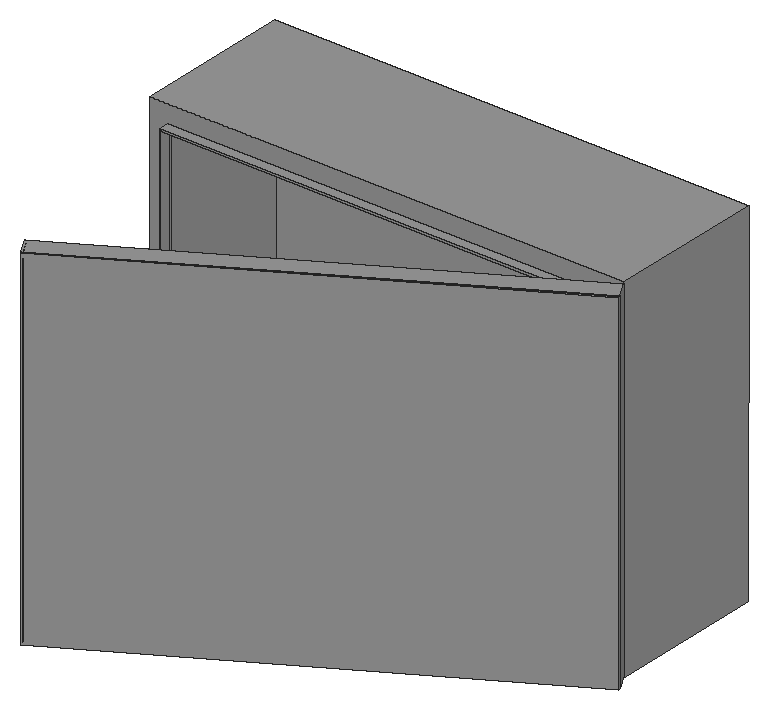
Revit family "Hager-Orion_Inox-IP66-D150-Cl.I-Inox_encl-630A-300mm-NoHosted-PL-en", category Electrical Equipment, Revit 2020
Family settings
  Panel Configuration = Two Columns, Circuits Across
  Round Connector Dimension = Use Diameter
  Part Type = Panelboard
  Work Plane-Based = Yes
  Always vertical = Yes
  Cut with Voids When Loaded = No
  Shared = No
  Room Calculation Point = No
Parameters (values of type "Surface mounted (plaster) IP66 W400 H300 D150  - FL013BWL")
  Width Control [instance] = if([EF000008 - Width] > Min Width, [EF000008 - Width], Min Width)  # 400 mm
  Type Comments = [HG000003 - Range]  # "Orion Inox"
  Thickness Door [instance] = if([EF009171 - Material plate thickness door/cover] > 3 mm, 3 mm, [EF009171 - Material plate thickness door/cover])  # 1.5 mm
  Seal Frame Offset [instance] = 17 mm  # constant formula
  Min Width [instance] = 100 mm  # constant formula
  Min Depth [instance] = (2 * [EF009170 - Material plate thickness cabinet]) + 1 mm  # 4 mm
  Min Height [instance] = 100 mm  # constant formula
  Internal Frame Depth [instance] = -(Door System Depth * 0.5)  # -9 mm
  Panel Name [instance] = ""  # (empty or 0)
  Model = ""
  HG000027 - Plinth height = 0 mm
  HG000026 - Floor standing = no
  HG000024 - Bottom section height = 600 mm
  HG000023 - Double section enclosure = no
  HG000016 - Door 3d visibility [instance] = yes
  HG000015 - Clearance visibility [instance] = no
  HG000014 - Door on the right [instance] = yes
  HG000013 - Door on the left [instance] = not([HG000014 - Door on the right])  # no
  HG000012 - Door swing angle [instance] = 30.00°
  HG000010 - Asymmetric doors = no
  HG000009 - Double swing door = no
  HG000006 - Flush mounted = no
  HG000004 - Manufacturer reference = "FL013BWL"
  HG000003 - Range = "Orion Inox"
  HG000002 - With door or cover = yes
  Frame Offset Bottom [instance] = 10 mm  # constant formula
  Frame Offset [instance] = 15 mm  # constant formula
  EF015940 - Cover with overpressure release = no
  EF011959 - Degree of protection (NEMA) = ""
  EF009554 - Number of openings for flange plates = 0
  EF009212 - Cover model = "EV000116 - Closed"
  EF009171 - Material plate thickness door/cover = 1.5 mm
  EF009170 - Material plate thickness cabinet = 1.5 mm
  EF008873 - Nominal current (In) = 630 A
  EF007800 - Suitable for lightning protection = no
  EF006306 - With lock = yes
  EF006244 - Transparent cover/door = no
  EF005474 - Degree of protection (IP) = "EV006422 - IP66"
  EF004464 - Type of door = "EV002646 - Single"
  EF004427 - Number of modules = 0
  EF004293 - Impact strength = "EV008784 - IK10"
  EF003532 - Suitable for outdoor use = yes
  EF002950 - Width in number of modular spacings = 0
  EF001613 - Circuit integrity = "EV000494 - None"
  EF001596 - Material housing = "EV000166 - Stainless steel"
  EF001131 - Internal depth = 116 mm
  EF001088 - Extension possible = yes
  EF000437 - Number of conduit inlets = 0
  EF000339 - Type of cover = "EV004216 - Door"
  EF000266 - Number of rows = 0
  EF000218 - Built-in depth = 0 mm
  EF000118 - With mounting plate = no
  EF000116 - RAL-number = ""
  EF000049 - Depth = 150 mm
  EF000040 - Height = 300 mm
  EF000008 - Width = 400 mm
  EF000007 - Colour = "EV000154 - Other"
  EF000003 - Mounting method = "EV000384 - Surface mounted (plaster)"
  Door System Leaf Tolerance [instance] = 1.5 mm  # constant formula
  Door System Depth [instance] = 18 mm  # constant formula
  Description = ""
  Default Elevation = 1219.2 mm
  Connector Offset [instance] = Height Control / 2  # 150 mm
  Manufacturer = "Hager"  # constant formula
  Height Control [instance] = if([EF000040 - Height] > Min Height, [EF000040 - Height], Min Height)  # 300 mm
  Depth Control [instance] = if([EF000049 - Depth] > Min Depth, [EF000049 - Depth], Min Depth)  # 150 mm
Types (4, lengths in mm): name | Width Control | HG000004 - Manufacturer reference | EF009212 - Cover model | EF006306 - With lock | EF001613 - Circuit integrity | EF000008 - Width
  Surface mounted (plaster) IP66 W200 H300 D150  - FL010BW | 200 | "FL010BW" | "EV009916 - With notch" | no | "" | 200
  Surface mounted (plaster) IP66 W200 H300 D150  - FL010BWL | 200 | "FL010BWL" | "EV009916 - With notch" | no | "" | 200
  Surface mounted (plaster) IP66 W400 H300 D150  - FL013BW | 400 | "FL013BW" | "EV000116 - Closed" | yes | "EV000494 - None" | 400
  Surface mounted (plaster) IP66 W400 H300 D150  - FL013BWL | 400 | "FL013BWL" | "EV000116 - Closed" | yes | "EV000494 - None" | 400
Reference planes
  plane 1 "Center (Front/Back)": y = 0
  plane 2: z = 0
  plane 3 "Center (Left/Right)": x = 0
  plane 4: y = 0
  plane 5: y = 0
  plane 6: z = 0
  plane 7: x = -200
  plane 8: x = 200
  plane 9: x = 198.5
  plane 10: x = -198.5
  plane 11: z = 0
  plane 12: z = 1.5
  plane 13: y = -150
  plane 14: y = -1.5
  plane 15: x = 0
  plane 16: y = -132
  plane 17: y = -148.5
  plane 18: y = -130.5
  plane 19: x = -183.5
  plane 20: x = 183.5
  plane 21: z = 11.5
  plane 22: x = -183
  plane 23: x = 183
  plane 24: z = 0
  plane 25: z = 300
  plane 26: z = 300
  plane 27: z = 283.5
  plane 28: z = 298.5
Forms (mm)
  Extrusion 1, solid, material "Hager_Stainless_Steel", detail levels medium+fine
    sketch origin (-208.679, -4572, 0) x (-1, 0, 0) y (0, -1, 0)
      loop
        line (-8.679, -4440) -> (-408.679, -4440) -> (-408.679, -4572) -> (-8.679, -4572) -> (-8.679, -4440)
    from 0 to 300
  Extrusion 2, void
    sketch origin (-350.771, -150, 1219.2) x (1, 0, 0) y (0, 0, 1)
      loop
        line (152.271, -920.7) -> (152.271, -1217.7) -> (549.271, -1217.7) -> (549.271, -920.7) -> (152.271, -920.7)
    from -19.5 to -148.5
  Extrusion 3, void
    sketch origin (-290.084, -132, 1219.2) x (1, 0, 0) y (0, 0, 1)
      loop
        line (106.584, -1207.7) -> (473.584, -1207.7) -> (473.584, -935.7) -> (106.584, -935.7) -> (106.584, -1207.7)
    from 0 to -1.5
  Extrusion 4, solid, material "Hager_Stainless_Steel", detail levels fine
    sketch origin (-290.084, -132, 1219.2) x (-1, 0, 0) y (0, 0, 1)
      loop
        line (-473.584, -1207.7) -> (-106.584, -1207.7) -> (-106.584, -935.7) -> (-473.584, -935.7) -> (-473.584, -1207.7)
      loop
        line (-475.084, -1209.2) -> (-105.084, -1209.2) -> (-105.084, -934.2) -> (-475.084, -934.2) -> (-475.084, -1209.2)
    from 0 to -9 <- "Internal Frame Depth"
  Extrusion 5, solid, material "Hager_Stainless_Steel", detail levels coarse
    sketch origin (0, 0, 0) x (1, 0, 0) y (0, 1, 0)
      loop
        line (-200, 0) -> (-200, -150) -> (200, -150) -> (200, 0) -> (-200, 0)
    from 0 to 300 <- "Height Control"
Cuts and joins
  Extrusion 2, Extrusion 3 cuts Extrusion 1
Lines and regions (mm)
  Masking region 1
    outline origin (0, 0, 0) x (1, 0, 0) y (0, 1, 0)
      loop
        line (-200, 0) -> (-200, -150) -> (200, -150) -> (200, 0) -> (-200, 0)
  Masking region 2
    outline origin (-290.084, -132, 1219.2) x (-1, 0, 0) y (0, 0, 1)
      loop
        line (-490.084, -1219.2) -> (-90.084, -1219.2) -> (-90.084, -919.2) -> (-490.084, -919.2) -> (-490.084, -1219.2)
  Masking region 3, detail levels coarse
    outline origin (0, 0, 0) x (0, 1, 0) y (0, 0, 1)
      loop
        line (0, 0) -> (0, 300) -> (-150, 300) -> (-150, 0) -> (0, 0)
  Masking region 4, detail levels medium+fine
    outline origin (0, 0, 594.038) x (0, 1, 0) y (0, 0, 1)
      loop
        line (0, -594.038) -> (0, -294.038) -> (-132, -294.038) -> (-132, -594.038) -> (0, -594.038)
Dimensions and locks
  locked: plane 1 "Center (Front/Back)" to plane 5
  "EF009170 - Material plate thickness cabinet": plane 7 to plane 10
  "EF009170 - Material plate thickness cabinet": plane 8 to plane 9
  equal spacing: plane 7, plane 3 "Center (Left/Right)", plane 8
  "Width Control": plane 7 to plane 8
  "Depth Control": plane 4 to plane 13
  "EF009170 - Material plate thickness cabinet": plane 4 to plane 14
  "Height Control": plane 25 to level
  "EF009170 - Material plate thickness cabinet": plane 12 to plane 11
  "EF009170 - Material plate thickness cabinet": plane 17 to plane 13
  "EF009170 - Material plate thickness cabinet": plane 18 to plane 16
  "Frame Offset Bottom": plane 21 to plane 12
  "Frame Offset": plane 10 to plane 19
  "Frame Offset": plane 9 to plane 20
  "Door System Depth": plane 16 to plane 13
  "Seal Frame Offset": plane 7 to plane 22
  "Seal Frame Offset": plane 8 to plane 23
  "EF009170 - Material plate thickness cabinet": plane 26 to plane 28
  "Frame Offset": plane 28 to plane 27
  "Connector Offset": plane 2 to connector elem
  "Thickness Door": cut or joined group of Extrusion 1, Extrusion 2, Extrusion 3 to Extrusion 4 sketch curve
  "Thickness Door": Extrusion 4 sketch curve to plane 19
  "Thickness Door": Extrusion 4 sketch curve to plane 20
  "Thickness Door": Extrusion 4 sketch curve to plane 27
  aligned and locked: plane 12 to Extrusion 2 sketch curve
  aligned and locked: Extrusion 2 sketch curve to plane 9
  aligned and locked: Extrusion 2 sketch curve to plane 10
  aligned and locked: plane 14 to Extrusion 2
  aligned and locked: plane 4 to Extrusion 1 sketch curve
  aligned and locked: plane 8 to Extrusion 1 sketch curve
  aligned and locked: plane 7 to Extrusion 1 sketch curve
  aligned and locked: Extrusion 2 to plane 18
  aligned and locked: plane 19 to Extrusion 3 sketch curve
  aligned and locked: plane 20 to Extrusion 3 sketch curve
  aligned and locked: Extrusion 3 to Extrusion 2
  aligned and locked: Extrusion 3 sketch curve to plane 21
  aligned and locked: plane 3 "Center (Left/Right)" to nested 1
  aligned and locked: Extrusion 1 sketch curve to plane 16
  aligned and locked: Masking region 1 sketch curve to plane 7
  aligned and locked: Masking region 1 sketch curve to plane 5
  aligned and locked: Masking region 1 sketch curve to plane 8
  aligned and locked: Masking region 2 sketch curve to level
  aligned and locked: level to Masking region 3 sketch curve
  aligned and locked: plane 1 "Center (Front/Back)" to Masking region 3 sketch curve
  aligned and locked: plane 13 to Masking region 3 sketch curve
  aligned and locked: Masking region 2 sketch curve to plane 8
  aligned and locked: Masking region 2 sketch curve to plane 7
  aligned and locked: plane 7 to nested 2
  aligned and locked: nested 2 to plane 5
  aligned and locked: plane 5 to Masking region 4 sketch curve
  aligned and locked: plane 26 to Masking region 4 sketch curve
  aligned and locked: Extrusion 5 sketch curve to plane 8
  aligned and locked: Extrusion 5 sketch curve to plane 7
  aligned and locked: Extrusion 5 sketch curve to plane 5
  aligned and locked: plane 27 to Extrusion 3 sketch curve
  aligned and locked: Extrusion 2 sketch curve to plane 28
  aligned and locked: plane 27 to Extrusion 4 sketch curve
  aligned and locked: Extrusion 4 sketch curve to plane 20
  aligned and locked: plane 21 to Extrusion 4 sketch curve
  aligned and locked: Extrusion 4 sketch curve to plane 19
  aligned and locked: Masking region 2 to plane 25
  aligned and locked: Masking region 4 sketch curve to plane 24
  aligned and locked: Masking region 1 to plane 13
  aligned and locked: nested 1 to plane 16
  aligned and locked: Masking region 3 to plane 25
  aligned and locked: Masking region 4 sketch curve to plane 16
  aligned and locked: plane 24 to plane 11
  aligned and locked: plane 26 to plane 25
  aligned and locked: level to plane 24
  aligned and locked: Extrusion 1 to Masking region 3
  aligned and locked: level to nested 1
Automatic sketch dimensions
  Extrusion 5 sketch curve to plane 13 = 0 mm
  plane 27 to Masking region 2 sketch curve = 16.5 mm
  plane 27 to Masking region 3 sketch curve = 16.5 mm
  Masking region 1 sketch curve to plane 13 = 0 mm
  Extrusion 3 sketch curve to plane 21 = 0 mm
  plane 19 to Extrusion 3 sketch curve = 0 mm
  Extrusion 3 sketch curve to plane 20 = 0 mm
Nested families
  nested 1: "EC000058_OrionInox_Door" at (0, -132, 0), Double <- "HG000009 - Double swing door", Transparent <- "EF006244 - Transparent cover/door", Angle <- "HG000012 - Door swing angle", Door_Right <- "HG000014 - Door on the right", Assymetrical <- "HG000010 - Asymmetric doors", Door <- "HG000002 - With door or cover", Width_Ctrl <- "Width Control", 3d_Door <- "HG000016 - Door 3d visibility", Clearance <- "HG000015 - Clearance visibility", Door_Left <- "HG000013 - Door on the left", Width <- "Width Control", Door_Depth <- "Door System Depth", Leaf_Tolerance <- "Door System Leaf Tolerance", Height <- "Height Control", Thickness <- "Thickness Door", type "EC000058_OrionInox_Door", detail levels medium+fine
    with min_wh 4 mm, Width_Ctrl 400 mm, Width 400 mm, Transparent no, Thickness 1.5 mm, Seal_Material Hager_Rubber, Leaf_Width 400 mm, Leaf_Tolerance_External_Sides 0 mm, Leaf_Tolerance 1.5 mm, Leaf_Offset 0 mm, Leaf_Height 297 mm, Leaf_2_Width 400 mm, Leaf_2_Offset 200 mm, Leaf_1_Width 400 mm, Leaf_1_Offset 200 mm, Height_Ctrl 300 mm, Height 300 mm, Glass_Material Hager_Glass, Double_Clearance_Ctrl no, Double no, Door_Right_Ctrl yes, Door_Right yes, Door_Material Hager_Stainless_Steel, Door_Left_Ctrl no, Door_Left no, Door_Depth 18 mm, Door yes, Clearance_Material Hager_Clearance, Clearance_Depth 400 mm, Clearance_Ctrl no, Clearance no, Assymetrical no, Angle 30.00°, 3d_Door yes
  nested 2: "Hager_Enclosure_Symbol" at (-200, 0, 0), Height <- "Depth Control", Width <- "Width Control", type "Hager_Enclosure_Symbol"
    with Width_Ctrl 400 mm, Width 400 mm, Height_Ctrl 150 mm, Height 150 mm, A_Width_Int 9.844 mm, A_Width 118.125 mm, A_Height_Ctrl 131.25 mm, A_Height 131.25 mm
Connectors
  electrical at (0, 0, 150)
    settings: on plane 1 "Center (Front/Back)", index 1, voltage 0 V, apparent load 0 VA, apparent load phase1 0 VA, apparent load phase2 0 VA, apparent load phase3 0 VA, power factor 1, load classification "Other", number of poles 1, system type 30, power factor state 1, is connector primary yes, connector utility no, sub classification motor no, connector description ""
Definition of nested family "EC000058_OrionInox_Door"
  Parameters (values of type "EC000058_OrionInox_Door")
    min_wh [instance] = (2 * Thickness) + 1 mm  # 11 mm
    Width_Ctrl [instance] = 400 mm
    Width [instance] = 500 mm
    Transparent [instance] = yes
    Thickness [instance] = 5 mm
    Seal_Material [instance] = none
    Leaf_Width [instance] = if((Width_Ctrl - 2 * Leaf_Tolerance_External_Sides) > 0 mm, (Width_Ctrl - 2 * Leaf_Tolerance_External_Sides), min_wh)  # 400 mm
    Leaf_Tolerance_External_Sides [instance] = 0 mm  # constant formula
    Leaf_Tolerance [instance] = 1.5 mm
    Leaf_Offset [instance] = 0 mm  # constant formula
    Leaf_Height [instance] = if((Height_Ctrl - 2 * Leaf_Tolerance) > 0 mm, (Height_Ctrl - 2 * Leaf_Tolerance), min_wh)  # 497 mm
    Leaf_2_Width [instance] = if(and(and(Double, Assymetrical), Door_Left), (Leaf_Width / 3) - (Leaf_Tolerance / 2), if(and(and(Double, Assymetrical), Door_Right), (Leaf_Width / 3) * 2 - (Leaf_Tolerance / 2), if(and(Double, not(Assymetrical)), (Leaf_Width / 2) - Leaf_Tolerance, Leaf_Width)))  # 400 mm
    Leaf_2_Offset [instance] = if(and(Double, Assymetrical), Leaf_2_Width / 2, if(and(Double, not(Assymetrical)), Leaf_Width / 4, Leaf_Width / 2))  # 200 mm
    Leaf_1_Width [instance] = if(and(and(Double, Assymetrical), Door_Right), (Leaf_Width / 3) - (Leaf_Tolerance / 2), if(and(and(Double, Assymetrical), Door_Left), (Width / 3) * 2 - (Leaf_Tolerance / 2), if(and(Double, not(Assymetrical)), (Leaf_Width / 2) - Leaf_Tolerance, Leaf_Width)))  # 400 mm
    Leaf_1_Offset [instance] = if(and(Double, Assymetrical), Leaf_1_Width / 2, if(and(Double, not(Assymetrical)), Leaf_Width / 4, Leaf_Width / 2))  # 200 mm
    Height_Ctrl [instance] = if(Height > min_wh, Height, min_wh)  # 500 mm
    Height [instance] = 500 mm
    Glass_Material [instance] = none
    Double_Clearance_Ctrl [instance] = and(Double, Clearance)  # no
    Double [instance] = no
    Door_Right_Ctrl [instance] = and(or(Door_Right, Double), Door)  # yes
    Door_Right [instance] = yes
    Door_Material [instance] = none
    Door_Left_Ctrl [instance] = and(or(Door_Left, Double), Door)  # no
    Door_Left [instance] = no
    Door_Depth [instance] = 30 mm
    Door [instance] = yes
    Default Elevation = 1219.2 mm
    Clearance_Material [instance] = none
    Clearance_Depth [instance] = if(Leaf_1_Width > Leaf_2_Width, Leaf_1_Width, Leaf_2_Width)  # 400 mm
    Clearance_Ctrl [instance] = and(not(Double), Clearance)  # yes
    Clearance [instance] = yes
    Assymetrical [instance] = yes
    Angle [instance] = 30.00°
    3d_Door [instance] = yes
  Reference planes
    plane 1 "Center (Front/Back)": y = 0
    plane 2 "Bottom": z = 0
    plane 3 "Center (Left/Right)": x = 0
    plane 4: z = 500
    plane 5: x = -200
    plane 6: x = 200
    plane 7: z = 500
    plane 8: x = -200
    plane 9: z = 0
    plane 10: x = 200
    plane 11: y = 0
    plane 12: z = 1.5
    plane 13: x = -600
    plane 14: y = -400
    plane 15: x = 600
    plane 16: x = 0
    plane 17: x = 0
    plane 18: x = -200
    plane 19: x = 200
    plane 20: z = 498.5
  Forms (mm)
    Extrusion 1, solid, material <- "Clearance_Material", visible <- "Double_Clearance_Ctrl"
      sketch origin (1200, 0, 0) x (1, 0, 0) y (0, 0, -1)
        loop
          line (-1800, -498.5) -> (-600, -498.5) -> (-600, 0) -> (-1800, 0) -> (-1800, -498.5)
      from 0 to -400
  Dimensions and locks
    equal spacing: plane 5, plane 3 "Center (Left/Right)", plane 6
    "Width_Ctrl": plane 5 to plane 6
    "Leaf_Offset": plane 5 to plane 8
    "Leaf_Offset": plane 6 to plane 10
    "Leaf_Offset": plane 9 to level
    "Leaf_Offset": plane 4 to plane 7
    "Height_Ctrl": plane 4 to level
    "Leaf_Tolerance": plane 12 to plane 9
    locked: plane 11 to plane 1 "Center (Front/Back)"
    "Leaf_1_Offset": plane 18 to plane 16
    "Leaf_2_Offset": plane 17 to plane 19
    "Leaf_1_Width": plane 13 to plane 8
    "Leaf_2_Width": plane 10 to plane 15
    "Clearance_Depth": plane 14 to plane 1 "Center (Front/Back)"
    "Leaf_Tolerance_External_Sides": plane 8 to plane 18
    "Leaf_Tolerance_External_Sides": plane 19 to plane 10
    "Leaf_Tolerance": plane 7 to plane 20
    aligned and locked: level to plane 2 "Bottom"
    aligned and locked: nested 1 to plane 16
    aligned and locked: nested 2 to plane 17
    aligned and locked: Extrusion 1 to plane 13
    aligned and locked: plane 15 to Extrusion 1
    aligned and locked: Extrusion 1 to plane 14
    aligned and locked: plane 12 to nested 1
    aligned and locked: nested 2 to plane 12
    aligned and locked: Extrusion 1 to plane 11
    aligned and locked: plane 20 to Extrusion 1
    aligned and locked: nested 2 to plane 11
    aligned and locked: nested 1 to plane 11
  Automatic sketch dimensions
    Extrusion 1 sketch curve to level = 0 mm
    plane 5 to Extrusion 1 sketch curve = 400 mm
    plane 6 to Extrusion 1 sketch curve = 400 mm
    Extrusion 1 sketch curve to plane 4 = 1.5 mm
  Nested families
    nested 1: "EC000058_OrionInox_Door_Leaf" at (0, 0, 1.5), Width <- "Leaf_1_Width", visible <- "Door_Left_Ctrl", Leaf_Height <- "Leaf_Height", Angle <- "Angle", 3d_Door <- "3d_Door", Transparent <- "Transparent", Clearance Material <- "Clearance_Material", Clearance <- "Clearance_Ctrl", Door_Material <- "Door_Material", Glass_Material <- "Glass_Material", Door_Depth <- "Door_Depth", Seal_Material <- "Seal_Material", Thickness <- "Thickness", type "EC000058_OrionInox_Door_Leaf"
      with Width 400 mm, Transparent_Ctrl yes, Transparent yes, Thickness 5 mm, Standard no, Seal_Material none, Seal_D2 8 mm, Seal_D1 1 mm, Offset_Internal_Frame 10 mm, Lock_Width 28 mm, Lock_Thickness 2 mm, Lock_Radius 6 mm, Leaf_Height 497 mm, Internal_Seal_Thickness 8 mm, Internal_Seal_Depth_2 4.5 mm, Internal_Frame_Depth 25 mm, Glass_Thickness -1 mm, Glass_Offset -2 mm, Glass_Material none, Door_Material none, Door_Depth 30 mm, Clearance Material none, Clearance yes, Angle_Ctrl 30.00°, Angle 30.00°, 3d_Door yes
    nested 2: "EC000058_OrionInox_Door_Leaf" at (0, 0, 1.5) x (-1, 0, 0) z (0, 0, 1), Width <- "Leaf_2_Width", visible <- "Door_Right_Ctrl", Leaf_Height <- "Leaf_Height", Angle <- "Angle", 3d_Door <- "3d_Door", Transparent <- "Transparent", Clearance Material <- "Clearance_Material", Clearance <- "Clearance_Ctrl", Door_Material <- "Door_Material", Glass_Material <- "Glass_Material", Door_Depth <- "Door_Depth", Seal_Material <- "Seal_Material", Thickness <- "Thickness", type "EC000058_OrionInox_Door_Leaf"
      with Width 400 mm, Transparent_Ctrl yes, Transparent yes, Thickness 5 mm, Standard no, Seal_Material none, Seal_D2 8 mm, Seal_D1 1 mm, Offset_Internal_Frame 10 mm, Lock_Width 28 mm, Lock_Thickness 2 mm, Lock_Radius 6 mm, Leaf_Height 497 mm, Internal_Seal_Thickness 8 mm, Internal_Seal_Depth_2 4.5 mm, Internal_Frame_Depth 25 mm, Glass_Thickness -1 mm, Glass_Offset -2 mm, Glass_Material none, Door_Material none, Door_Depth 30 mm, Clearance Material none, Clearance yes, Angle_Ctrl 30.00°, Angle 30.00°, 3d_Door yes
  Definition of nested family "EC000058_OrionInox_Door_Leaf"
    Parameters (values of type "EC000058_OrionInox_Door_Leaf")
      Width [instance] = 450 mm
      Transparent_Ctrl [instance] = and(Transparent, [3d_Door])  # yes
      Transparent [instance] = yes
      Thickness [instance] = 5 mm
      Standard [instance] = and(not(Transparent), [3d_Door])  # no
      Seal_Material [instance] = none
      Seal_D2 [instance] = 8 mm  # constant formula
      Seal_D1 [instance] = 1 mm  # constant formula
      Offset_Internal_Frame [instance] = 10 mm  # constant formula
      Lock_Width [instance] = Door_Depth - Lock_Thickness  # 28 mm
      Lock_Thickness [instance] = 2 mm  # constant formula
      Lock_Radius [instance] = 6 mm  # constant formula
      Leaf_Height [instance] = 450 mm
      Internal_Seal_Thickness [instance] = 8 mm  # constant formula
      Internal_Seal_Depth_2 [instance] = 4.5 mm  # constant formula
      Internal_Frame_Depth [instance] = if(Door_Depth - Thickness > 5 mm, Door_Depth - Thickness, 5 mm)  # 25 mm
      Glass_Thickness [instance] = if(Thickness > 15 mm, Glass_Offset + 10 mm, -1 mm)  # -1 mm
      Glass_Offset [instance] = if(Thickness > 15 mm, -(Thickness + 10 mm) / 2, -2 mm)  # -2 mm
      Glass_Material [instance] = none
      Door_Material [instance] = none
      Door_Depth [instance] = 30 mm
      Default Elevation = 0 mm
      Clearance Material [instance] = none
      Clearance [instance] = yes
      Angle_Ctrl [instance] = if(Angle > 180.00°, 180.00°, Angle)  # 90.00°
      Angle [instance] = 90.00°
      3d_Door [instance] = yes
    Reference planes
      plane 1 "Center (Front/Back)": y = 0
      plane 2: z = 0
      plane 3 "Center (Left/Right)": x = 0
      plane 4: y = 450
      plane 5: x = -225
      plane 6: x = 225
      plane 7: x = -675
      plane 8: z = 450
      plane 9: z = 30
      plane 10: z = 420
      plane 11: x = 195
      plane 12: x = -195
      plane 13: y = -3
      plane 14: z = 107.833
      plane 15: y = -5
      plane 16: y = -223.314
      plane 17: x = -225
      plane 18: y = 30
    Forms (mm)
      Extrusion 1, solid, material <- "Clearance Material", visible <- "Clearance"
        sketch origin (0, 0, 0) x (1, 0, 0) y (0, 0, 1)
          loop
            line (-675, 450) -> (-675, 0) -> (225, 0) -> (225, 450) -> (-675, 450)
        from 0 to -450
      Extrusion 2, solid, material <- "Door_Material", visible <- "Standard", detail levels medium+fine
        sketch origin (-225, 0, 0) x (0, 1, 0) y (-1, 0, 0)
          loop
            line (0, 30) -> (0, 25) -> (450, 25) -> (450, 30) -> (0, 30)
        from 0 to 450 <- "Leaf_Height"
      Extrusion 3, solid, material <- "Door_Material", visible <- "Transparent_Ctrl", detail levels medium+fine
        sketch origin (-225, 0, 0) x (0, 1, 0) y (-1, 0, 0)
          loop
            line (0, 25) -> (450, 25) -> (450, 30) -> (0, 30) -> (0, 25)
        from 0 to 450 <- "Leaf_Height"
      Extrusion 4, void
        sketch origin (-250, 450, 0) x (0, 1, 0) y (0, 0, -1)
          loop
            line (-30, -420) -> (-30, -30) -> (-420, -30) -> (-420, -420) -> (-30, -420)
        from 0 to 5 <- "Thickness"
      Sweep 5, solid, material <- "Seal_Material", visible <- "Transparent_Ctrl", detail levels fine
        path in 3D
          loop
            line (-250, 30, 30) -> (-250, 30, 420) -> (-250, 420, 420) -> (-250, 420, 30) -> (-250, 30, 30)
        profile origin (-250, 225, 30) x (1, 0, 0) y (0, 0, 1)
          loop
            line (0, 0) -> (0, -8) -> (1, -8) -> (1, 0) -> (0, 0)
      Extrusion 6, solid, material <- "Glass_Material", visible <- "Transparent_Ctrl", detail levels medium+fine
        sketch origin (-255, 0, 0) x (0, 1, 0) y (0, 0, -1)
          loop
            line (420, -420) -> (420, -30) -> (30, -30) -> (30, -420) -> (420, -420)
        from -2 <- "Glass_Offset" to -1 <- "Glass_Thickness"
      Extrusion 7, solid, material <- "Door_Material", visible <- "3d_Door", detail levels medium+fine
        sketch origin (-250, 450, 0) x (0, -1, 0) y (0, 0, -1)
          loop
            line (0, -450) -> (450, -450) -> (450, 0) -> (0, 0) -> (0, -450)
          loop
            line (445, -5) -> (5, -5) -> (5, -445) -> (445, -445) -> (445, -5)
        from 0 to 25 <- "Internal_Frame_Depth"
      Sweep 8, solid, material <- "Seal_Material", visible <- "Transparent_Ctrl", detail levels fine
        path in 3D
          loop
            line (-250, 0, 0) -> (-250, 450, 0) -> (-250, 450, 450) -> (-250, 0, 450) -> (-250, 0, 0)
        profile origin (-250, 0, 225) x (1, 0, 0) y (0, 1, 0)
          loop
            line (0, 10) -> (2.975, 10)
            arc (2.975, 10) -> (4.053, 10.447) -> (4.5, 11.525) r 1.525
            line (4.5, 11.525) -> (4.5, 16.527)
            arc (4.5, 16.527) -> (4.069, 17.569) -> (3.027, 18) r 1.473
            line (3.027, 18) -> (0, 18) -> (0, 10)
    Cuts and joins
      Extrusion 4 cuts Extrusion 3
    Lines and regions (mm)
      Masking region 1, detail levels medium+fine
        outline origin (0, 0, 0) x (0, 1, 0) y (0, 0, 1)
          loop
            line (0, 0) -> (30, 0) -> (30, 450) -> (0, 450) -> (0, 0)
      Masking region 2, detail levels medium+fine
        outline origin (0, 0, 0) x (1, 0, 0) y (0, 0, 1)
          loop
            line (-225, 450) -> (-225, 0) -> (225, 0) -> (225, 450) -> (-225, 450)
      symbolic lines
        curve 1: line (225, 0, 0) -> (-675, 0, 0)
        curve 2: arc (225, 0, 0) -> (-225, 450, 0) -> (-675, 0, 0) r 450
        curve 4: line (-255, 0, 0) -> (-255, 450, 0)
      reference lines
        curve 3: line (-225, 0, 0) -> (-225, 450, 0)
      symbolic lines, detail levels medium+fine
        curve 5: line (-255, 450, 0) -> (-250, 450, 0)
        curve 7: line (-250, 0, 0) -> (-255, 0, 0)
        curve 8: line (-250, 0, 0) -> (-225, 0, 0)
        curve 9: line (-225, 0, 0) -> (-225, 450, 0)
        curve 10: line (-225, 450, 0) -> (-250, 450, 0)
      symbolic lines, detail levels fine
        curve 6: line (-250, 450, 0) -> (-250, 0, 0)
      sketch lines
        curve 11: line (-250, 0, 450) -> (-250, 0, 0)
        curve 12: line (-250, 450, 0) -> (-250, 0, 0)
        curve 13: line (-250, 450, 450) -> (-250, 450, 0)
        curve 14: line (-250, 0, 450) -> (-250, 450, 450)
        curve 15: line (-250, 420, 30) -> (-250, 30, 30)
        curve 16: line (-250, 30, 30) -> (-250, 30, 420)
        curve 17: line (-250, 420, 420) -> (-250, 420, 30)
        curve 18: line (-250, 30, 420) -> (-250, 420, 420)
      symbolic lines, visible <- "Transparent", detail levels medium+fine
        curve 19: line (-195, 0, 420) -> (195, 0, 420)
        curve 20: line (-195, 0, 30) -> (-195, 0, 420)
        curve 21: line (195, 0, 30) -> (-195, 0, 30)
        curve 22: line (195, 0, 420) -> (195, 0, 30)
    Dimensions and locks
      "Width": plane 1 "Center (Front/Back)" to plane 4
      equal spacing: plane 5, plane 3 "Center (Left/Right)", plane 6
      "Width": plane 5 to plane 6
      "Width": plane 7 to plane 5
      "Leaf_Height": plane 8 to level
      "Width": curve 5 to curve 3
      "Width": curve 3 to curve 3
      plane 8 to plane 10 = 30 mm
      plane 9 to level = 30 mm
      plane 12 to plane 5 = 30 mm
      plane 6 to plane 11 = 30 mm
      Extrusion 4 sketch curve to Extrusion 3 = 30 mm
      Extrusion 3 to Extrusion 4 sketch curve = 30 mm
      Extrusion 1 to Extrusion 4 sketch curve = 30 mm
      curve 3 to Extrusion 4 sketch curve = 30 mm
      Extrusion 4 sketch curve to cut or joined group of Extrusion 3, Extrusion 4 = 30 mm
      cut or joined group of Extrusion 3, Extrusion 4 to Extrusion 6 sketch curve = 30 mm
      cut or joined group of Extrusion 3, Extrusion 4 to Extrusion 4 sketch curve = 30 mm
      "Thickness": curve 6 to curve 4
      "Thickness": Extrusion 7 sketch curve to Extrusion 7 sketch curve  (x4)
      "Door_Depth": curve 4 to curve 3
      "Offset_Internal_Frame": profile plane to Sweep 8 sketch curve
      "Internal_Seal_Thickness": Sweep 8 sketch curve to Sweep 8 sketch curve
      "Internal_Seal_Depth_2": profile plane to Sweep 8 sketch curve
      "Seal_D1": profile plane to Sweep 5 sketch curve
      "Seal_D2": profile plane to Sweep 5 sketch curve
      "Thickness": Extrusion 2 sketch curve to Extrusion 2 sketch curve
      "Door_Depth": plane 18 to plane 1 "Center (Front/Back)"
      radius of Sweep 8 sketch curve = 1.525 mm
      radius of Sweep 8 sketch curve = 1.473 mm
      "Angle_Ctrl": angle plane 1 "Center (Front/Back)" to curve 3
      aligned and locked: level to plane 2
      aligned and locked: Extrusion 1 to curve 1
      aligned and locked: plane 6 to Extrusion 1
      aligned and locked: plane 1 "Center (Front/Back)" to Extrusion 1
      aligned and locked: plane 4 to Extrusion 1
      aligned and locked: plane 8 to Extrusion 1
      aligned and locked: curve 7 to Extrusion 2 sketch curve
      aligned and locked: curve 5 to Extrusion 2 sketch curve
      aligned and locked: curve 7 to Extrusion 3 sketch curve
      aligned and locked: Extrusion 3 sketch curve to curve 4
      aligned and locked: Extrusion 3 sketch curve to curve 6
      aligned and locked: Extrusion 3 sketch curve to curve 5
      aligned and locked: curve 9 to curve 3
      aligned and locked: Extrusion 7 sketch curve to cut or joined group of Extrusion 3, Extrusion 4  (x4)
      aligned and locked: plane 17 to curve 3
      aligned and locked: plane 1 "Center (Front/Back)" to curve 3
      aligned and locked: plane 17 to plane 5
      aligned and locked: Sweep 8 sketch curve to profile plane
      aligned and locked: Sweep 5 sketch curve to profile plane  (x2)
      aligned and locked: plane 1 "Center (Front/Back)" to Masking region 1 sketch curve
      aligned and locked: plane 18 to Masking region 1 sketch curve
      aligned and locked: level to Masking region 1 sketch curve
      aligned and locked: Masking region 1 sketch curve to plane 8
      aligned and locked: plane 17 to Masking region 2 sketch curve
      aligned and locked: level to Masking region 2 sketch curve
      aligned and locked: Masking region 2 sketch curve to plane 8
      aligned and locked: plane 12 to curve 20
      aligned and locked: plane 10 to curve 19
      aligned and locked: plane 11 to curve 22
      aligned and locked: plane 9 to curve 21
      aligned and locked: Extrusion 2 sketch curve to cut or joined group of Extrusion 3, Extrusion 4
    Automatic sketch dimensions
      plane 1 "Center (Front/Back)" to curve 2 = 0 mm
      curve 2 to plane 5 = 0 mm
      Extrusion 1 sketch curve to level = 0 mm
      Extrusion 1 sketch curve to plane 7 = 0 mm
      Extrusion 1 sketch curve to plane 6 = 0 mm
      Extrusion 1 sketch curve to plane 8 = 0 mm
      Extrusion 3 to Extrusion 6 sketch curve = 30 mm  (x4)
      Masking region 2 sketch curve to plane 6 = 0 mm
      curve 4 to curve 3 = 0 mm
Definition of nested family "Hager_Enclosure_Symbol"
  Parameters (values of type "Hager_Enclosure_Symbol")
    Width_Ctrl [instance] = if(Width > 1 mm, Width, 1 mm)  # 102.27 mm
    Width [instance] = 102.27 mm
    Height_Ctrl [instance] = if(Height > 1 mm, Height, 1 mm)  # 66.5 mm
    A_Width_Int [instance] = if(A_Width / 12 > 2 mm, A_Width / 12, 2 mm)  # 4.364 mm
    A_Width [instance] = if(A_Height_Ctrl * 0.9 > 2 mm, A_Height_Ctrl * 0.9, 2 mm)  # 52.369 mm
    A_Height_Ctrl [instance] = if(A_Height > 2 mm, A_Height, 2 mm)  # 58.188 mm
    Height [instance] = 66.5 mm
    A_Height [instance] = Height - (Height / 8)  # 58.188 mm
  Reference planes
    plane 1 "Centre (avant/arrière)": y = 0
    plane 2: z = 0
    plane 3 "Centre (gauche/droite)": x = 0
    plane 4: x = 52.369
    plane 5: y = 33.042
    plane 6: y = 41.77
    plane 7: y = 66.5
    plane 8: x = 26.184
    plane 9: y = 37.406
    plane 10: x = 102.27
    plane 11: y = 66.5
    plane 12: y = 8.313
  Lines and regions (mm)
    Filled region 1, type "Solid_Black", in view "Niveau de réf."
      outline origin (0, 0, 0) x (1, 0, 0) y (0, 1, 0)
        loop
          line (52.369, 66.5) -> (33.188, 54.536) -> (45.365, 45.006) -> (52.369, 66.5)
    Filled region 2, type "Solid_Black", in view "Niveau de réf."
      outline origin (0, 0, 0) x (1, 0, 0) y (0, 1, 0)
        loop
          line (0, 0) -> (102.27, 0) -> (102.27, 66.5) -> (0, 0)
    detail lines, in view "Niveau de réf."
      curve 1: line (0, 8.313, 0) -> (26.184, 41.77, 0)
      curve 2: line (26.184, 41.77, 0) -> (26.184, 33.042, 0)
      curve 3: line (26.184, 33.042, 0) -> (52.369, 66.5, 0)
  Dimensions and locks
    "A_Width": plane 3 "Centre (gauche/droite)" to plane 4
    equal spacing: plane 3 "Centre (gauche/droite)", plane 8, plane 4
    equal spacing: plane 6, plane 9, plane 5
    equal spacing: curve 3, Filled region 1 sketch curve, Filled region 1 sketch curve
    "Height_Ctrl": plane 1 "Centre (avant/arrière)" to plane 11
    "A_Height_Ctrl": plane 11 to plane 12
    equal spacing: plane 11, plane 9, plane 12
    "A_Width_Int": plane 6 to plane 9
    "Width_Ctrl": plane 3 "Centre (gauche/droite)" to plane 10
    angle Filled region 1 sketch curve to curve 3 = 20.00°
    angle curve 3 to Filled region 1 sketch curve = 20.00°
    locked: curve 3 to Filled region 1 sketch curve (angle 90.00°)
    aligned and locked: plane 10 to Filled region 2
    aligned and locked: plane 11 to Filled region 2 sketch curve
    aligned and locked: plane 10 to Filled region 2 sketch curve
    aligned and locked: plane 3 "Centre (gauche/droite)" to curve 1
    aligned and locked: plane 12 to curve 1
    aligned and locked: plane 7 to plane 11
  Automatic sketch dimensions
    Filled region 1 sketch curve to plane 4 = 0 mm
    Filled region 1 sketch curve to plane 7 = 0 mm
    plane 1 "Centre (avant/arrière)" to Filled region 2 sketch curve = 0 mm
    Filled region 2 sketch curve to plane 3 "Centre (gauche/droite)" = 0 mm
    curve 2 to plane 6 = 0 mm
    curve 2 to plane 8 = 0 mm
    curve 3 to plane 4 = 0 mm
    curve 2 to plane 5 = 0 mm
    curve 3 to plane 7 = 0 mm
